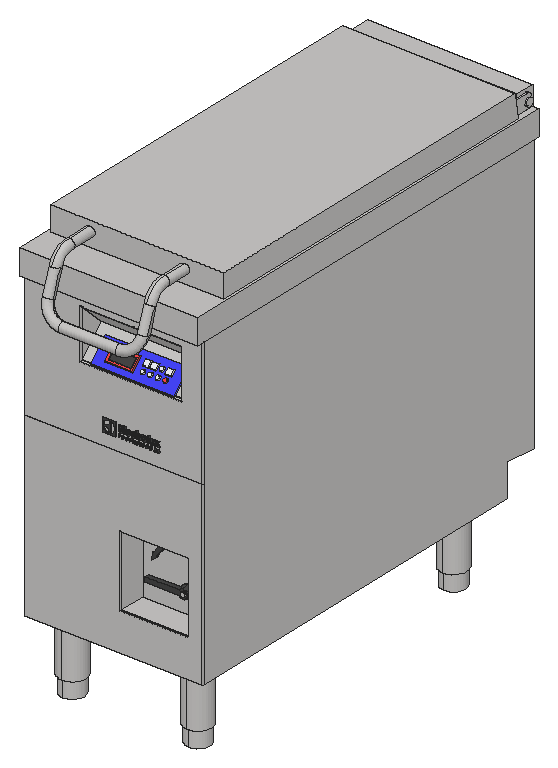
Revit family "QF_ELECTROLUXPROFESSIONAL_391351_E9PCEDRMC3", category Specialty Equipment, Revit 2018 (continued)
Automatic sketch dimensions
  Sweep 30 sketch curve to Sweep 30 sketch curve = 0 mm
  Sweep 30 sketch curve to Sweep 30 sketch curve = 52.921 mm
  Sweep 30 sketch curve to Sweep 30 sketch curve = 53 mm
  Sweep 30 sketch curve to profile plane = 0 mm
  profile plane to Sweep 30 sketch curve = 0 mm
  Sweep 31 sketch curve to plane 12 "FbY" = 77.291 mm
  Sweep 31 sketch curve to plane 25 = 48.014 mm
  Sweep 31 sketch curve to Sweep 31 sketch curve = 40 mm
  Sweep 31 sketch curve to Sweep 31 sketch curve = 13.681 mm
  Sweep 31 sketch curve to Sweep 31 sketch curve = 52.681 mm
  profile plane to Sweep 31 sketch curve = 0 mm
  Sweep 31 sketch curve to profile plane = 0 mm
  curve 1 to plane 6 "BACK" = 0 mm
  curve 1 to plane 7 "LEFT" = 0 mm
  curve 6 to plane 5 "FRONT" = 0 mm
  curve 19 to plane 5 "FRONT" = 0 mm
  curve 20 to plane 5 "FRONT" = 0 mm
  curve 24 to plane 8 "RIGHT" = 0 mm
  plane 7 "LEFT" to curve 31 = 2.5 mm
  plane 7 "LEFT" to curve 5 = 5.5 mm
  curve 31 to curve 30 = 5 mm
  curve 29 to curve 30 = 4.2 mm
  curve 28 to curve 25 = 1.8 mm
  plane 18 "C1" to curve 7 = 10 mm
  curve 15 to plane 18 "C1" = 4.758 mm
  curve 15 to curve 8 = 5.242 mm
  plane 22 "EIy" to curve 10 = 7.339 mm
  plane 22 "EIy" to curve 9 = 7.339 mm
  plane 17 "DrainY" to curve 17 = 7.339 mm
  plane 17 "DrainY" to curve 16 = 7.339 mm
  plane 19 "C2" to curve 12 = 10 mm
  plane 19 "C2" to curve 18 = 4.758 mm
  curve 11 to plane 19 "C2" = 10 mm
  plane 8 "RIGHT" to curve 25 = 13.5 mm
  curve 44 to curve 39 = 1.8 mm
  curve 37 to curve 38 = 4.2 mm
  curve 38 to curve 4 = 2 mm
  plane 8 "RIGHT" to curve 41 = 2.5 mm
  curve 12 to plane 5 "FRONT" = 31.328 mm
  curve 8 to curve 19 = 31.328 mm
  curve 18 to curve 16 = 2.708 mm
  curve 15 to curve 13 = 2.708 mm
  curve 9 to curve 13 = 5.825 mm
  curve 10 to curve 9 = 20 mm
  curve 14 to curve 13 = 7.996 mm
  curve 17 to curve 16 = 7.996 mm
  curve 5 to plane 21 "BOX" = 2.5 mm
  curve 5 to plane 6 "BACK" = 47.148 mm
  curve 4 to curve 26 = 7.148 mm
  curve 25 to curve 42 = 11.9 mm
  curve 25 to curve 31 = 11.9 mm
  curve 32 to plane 6 "BACK" = 11.9 mm
  curve 40 to plane 6 "BACK" = 11.9 mm
  curve 41 to curve 38 = 0.549 mm
  curve 32 to curve 30 = 0.549 mm
  curve 20 to curve 24 = 12.5 mm
  plane 5 "FRONT" to curve 22 = 12.5 mm
  plane 5 "FRONT" to curve 23 = 12.5 mm
  curve 4 to curve 38 = 0.61 mm
  curve 37 to curve 38 = 0 mm
  curve 5 to curve 28 = 0.61 mm
  curve 5 to curve 29 = 0.61 mm
  curve 43 to curve 42 = 0 mm
  curve 33 to curve 34 = 0 mm
  curve 35 to curve 28 = 0.549 mm
  curve 44 to curve 37 = 0.549 mm
  radius of Extrusion 1 sketch curve = 9.525 mm
  radius of Extrusion 2 sketch curve = 25 mm  (x4)
  radius of Extrusion 3 sketch curve = 28.5 mm  (x4)
  radius of Extrusion 5 sketch curve = 2.453 mm
  radius of Extrusion 5 sketch curve = 1.557 mm
  radius of Extrusion 5 sketch curve = 1.468 mm
  radius of Extrusion 5 sketch curve = 2.451 mm
  radius of Extrusion 6 sketch curve = 10 mm
  radius of Sweep 12 sketch curve = 10 mm
  radius of Sweep 13 sketch curve = 10 mm
  radius of Sweep 14 sketch curve = 10 mm
  radius of Blend 17 sketch curve = 12.025 mm
  radius of Blend 17 sketch curve = 9.25 mm
  radius of Extrusion 20 sketch curve = 5 mm
  radius of Extrusion 24 sketch curve = 8.1 mm
  radius of Extrusion 26 sketch curve = 8.1 mm
  radius of Extrusion 27 sketch curve = 9.55 mm
  radius of Sweep 29 sketch curve = 10 mm
  radius of Sweep 30 sketch curve = 10 mm
  radius of Sweep 31 sketch curve = 10 mm
Nested families
  nested 1: "QF_ELECTROLUXPROFESSIONAL_39135x_PANEL" at (40, -278.82, 692.352) x (1, 0, 0) z (0, -0.7071, 0.7071), type "QF_ELECTROLUXPROFESSIONAL_39135x_PANEL"
Connectors
  piping at (0, -135.5, 148), diameter 19.1
    settings: on Extrusion 1, index 3, connector inside diameter 609.6 mm, connector length 0 mm, flow factor 0, pipe flow 0.0 L/s, pressure drop 0.0 Pa, fitting loss kfactor 0, connector angle 0.00°, fixture units 0, engagement length 0 mm, angle of deflection 0.00°, flow configuration 1, flow direction 2, fitting loss method 0, system type 16, joint type 0, gender type 0, connector reference index -1, connector utility 0, adjustable connector no, is connector primary yes, connector description "DRAIN"
  electrical at (-52.5, 506.271, 178)
    settings: on Extrusion 6, index 4, voltage 0 V, apparent load 0 VA, apparent load phase1 0 VA, apparent load phase2 0 VA, apparent load phase3 0 VA, power factor 1, load classification "Other", number of poles 1, system type 30, power factor state 1, is connector primary yes, connector utility no, sub classification motor no, connector description "ELECTRICAL CONNECTION"
  piping at (52.5, 508.452, 178), diameter 19.1
    settings: on Extrusion 27, index 5, connector inside diameter 609.6 mm, connector length 0 mm, flow factor 0, pipe flow 0.0 L/s, pressure drop 0.0 Pa, fitting loss kfactor 0, connector angle 0.00°, fixture units 0, engagement length 0 mm, angle of deflection 0.00°, flow configuration 1, flow direction 1, fitting loss method 0, system type 20, joint type 0, gender type 0, connector reference index -1, connector utility 0, adjustable connector no, is connector primary no, connector description "COLD WATER INLET"
Definition of nested family "QF_ELECTROLUXPROFESSIONAL_39135x_PANEL"
  Parameters
    Default Elevation = 1219.2 mm
  Reference planes
    plane 1 "Center (Front/Back)": y = 0
    plane 2: z = 0
    plane 3 "Center (Left/Right)": x = 0
  Forms (mm)
    Extrusion 1, solid
      sketch origin (0, 0, 0) x (1, 0, 0) y (0, 1, 0)
        loop
          line (-1219.2, 1219.2) -> (-1219.2, -1219.2) -> (1219.2, -1219.2) -> (1219.2, 1219.2) -> (-1219.2, 1219.2)
      from 0 to -304.8
    Extrusion 2, solid
      sketch origin (0, 0, 0) x (1, 0, 0) y (0, 1, 0)
        loop
          line (-87.5, -27.5) -> (87.5, -27.5) -> (87.5, 27.5) -> (-87.5, 27.5) -> (-87.5, -27.5)
      from 0 to 1.6
    Extrusion 3, solid
      sketch origin (5, 0, 0) x (1, 0, 0) y (0, 1, 0)
        loop
          line (0, 13.927) -> (0, 1.927) -> (12, 1.927) -> (12, 13.927) -> (0, 13.927)
        loop
          line (16, 13.927) -> (16, 1.927) -> (28, 1.927) -> (28, 13.927) -> (16, 13.927)
        loop
          line (48, 13.927) -> (48, 1.927) -> (60, 1.927) -> (60, 13.927) -> (48, 13.927)
      from 3.2 to 1.6
    Extrusion 4, solid
      sketch origin (0, 0, 0) x (1, 0, 0) y (0, 1, 0)
        loop
          line (-60.193, 10) -> (-60.193, -10) -> (-12.197, -10) -> (-12.197, 10) -> (-60.193, 10)
        loop
          line (-65.193, 15) -> (-65.193, -15) -> (-7.197, -15) -> (-7.197, 15) -> (-65.193, 15)
      from 3.2 to 1.6
    Extrusion 5, solid
      sketch origin (5, 0, 0) x (1, 0, 0) y (0, 1, 0)
        loop
          circle (38, 7.927) r 4
        loop
          circle (38, -8.073) r 4
        loop
          circle (22, -8.073) r 4
        loop
          circle (6, -8.073) r 4
      from 3.2 to 1.6
    Extrusion 6, solid
      sketch origin (0, 0, 0) x (1, 0, 0) y (0, 1, 0)
        loop
          line (-60.193, 10) -> (-60.193, -10) -> (-12.197, -10) -> (-12.197, 10) -> (-60.193, 10)
      from 3.2 to 1.6
    Extrusion 7, solid
      sketch origin (5, 0, 0) x (1, 0, 0) y (0, 1, 0)
        loop
          circle (54, -8.073) r 4
      from 3.2 to 1.6
  Dimensions and locks
    aligned and locked: plane 2 to Extrusion 1
    aligned and locked: level to Extrusion 1
Types (2, lengths in mm): name | Volts | URL Manufacturer | URL | Manufacturer | Phase | Model | Item Number | Description | Cycle | Cold Water Size
  (no name) | 0 V | "" | "" | "" | 0 | "" | "" | "" | 0 Hz | 0
  Standard | 208 V | "http://professional.electrolux.com" | "http://professional.electrolux.com" | "Electrolux Professional" | 3 | "E9PCEDRMC3" | "391351" | "RETHERMALIZER USA 208/60Hz" | 60 Hz | 19.05
